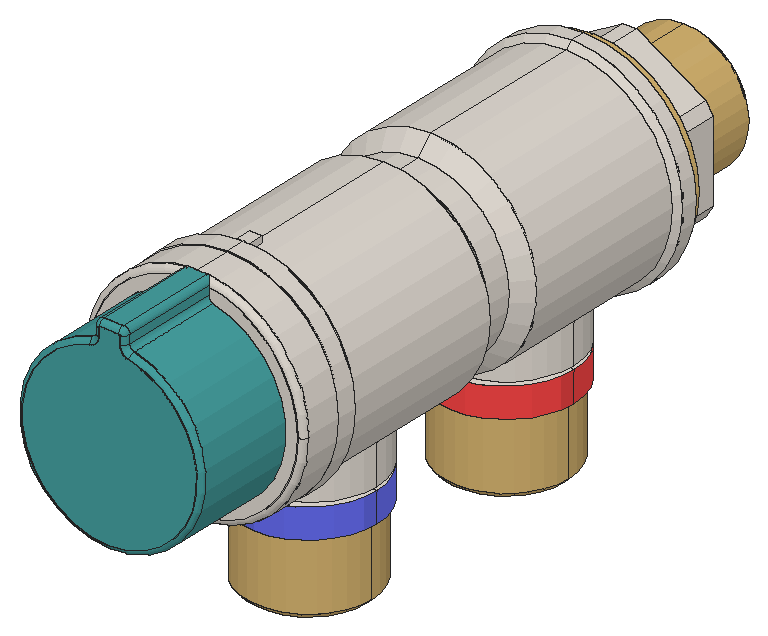
Revit family "PRE030078-FR", category Generic Models, Revit 2015
Parameters
  URL = "http://www.prestodatashare.com/centretelechargement/index.php?lang=FR&refs=29006"
  Titre = "REGULATEUR THERMOSTATIQUE ENTREE PARALLELE 1/2\""
  Référence = "29006"
  Reference = "29006"
  Raccordement = "G1/2\""
  Profondeur = 14.6 cm
  Pression = "2 à 5 bars"
  Polantis code = "PRE030078"
  Manufacturer URL = "http://www.prestodatashare.com/centretelechargement/index.php?lang=FR&refs=29006"
  Lien notice d'utilisation = "http://www.prestodatashare.com/centretelechargement/liste_pieces_detachees_boot.php?lang=FR&ref=29006"
  Lien fiche produit = "http://www.prestodatashare.com/espacedoc/Fiches_Techniques/FR/29006.pdf"
  Lien CCTP = "http://www.prestodatashare.com/centretelechargement/index.php?lang=FR&refs=29006"
  Largeur = 4 cm
  Hauteur = 5.9 cm
  Garantie = "3 ans"
  Fonction = "Avec butée de température interne et entrées parallèles 1/2\" (15x21)"
  Finition 1 = Material 1
  Finition = "Corps en laiton"
  Fabricant = "LES ROBINETS PRESTO S.A."
  Etape = "2"
  Débit = "\"Maximum : 43 L/Mn à 3 bars\nMinimum : 4 L/Mn à 3 bars\""
  Description = "Régulateur thermostatique de sécurité 1/2\" à entrées parallèles"
  Company = "PRESTO"
  Adresse = "7, RUE RACINE - 92542 MONTROUGE CEDEX FRANCE"
Reference planes (cm)
  plane 1 "Center (Front/Back)": y = 0
  plane 2: z = 0
  plane 3 "Center (Left/Right)": x = 0
Forms (cm)
  Revolve 1, solid, material "GrayElement"
    sketch origin (0, 0, -9.2173) x (0, 1, 0) y (0, 0, 1)
      loop
        line (0.0985, 5.5347) -> (0.0985, 4.0747) -> (6.0235, 4.0747) -> (6.0235, 5.0197) -> (5.9235, 5.1197) -> (4.0985, 5.1197) -> (4.0985, 5.7747) -> (3.8985, 5.7747) -> (3.8985, 5.8847) -> (3.6485, 5.8847) -> (3.5485, 5.7847) -> (0.7985, 5.7847) -> (0.5485, 5.5347) -> (0.0985, 5.5347)
      axis (6.0235, 4.0747) -> (0.0985, 4.0747)
    angle from 0 to 360
  Extrusion 2, solid, material "GrayElement"
    sketch origin (-7.5081, 0, -9.2173) x (1, 0, 0) y (0, 0, 1)
      loop
        line (6.1581, 4.7285) -> (6.1581, 3.4208) -> (6.2669, 3.2325) -> (7.3994, 2.5786) -> (7.6169, 2.5786) -> (8.7494, 3.2325) -> (8.8581, 3.4208) -> (8.8581, 4.7285) -> (8.7494, 4.9169) -> (7.6169, 5.5707)
        arc (7.6169, 5.5707) -> (7.5081, 5.5747) -> (7.3994, 5.5707) r 1.5
        line (7.3994, 5.5707) -> (6.2669, 4.9169) -> (6.1581, 4.7285)
      loop
        circle (7.5081, 4.0747) r 1.045
    from -4.8235 to -4.0985
  Revolve 3, solid, material "GrayElement"
    sketch origin (0, 0, -9.2173) x (0, 1, 0) y (0, 0, 1)
      loop
        line (0.0985, 5.5347) -> (-0.1515, 5.7847) -> (-2.9015, 5.7847) -> (-3.0015, 5.8847) -> (-3.3265, 5.8847) -> (-3.3265, 4.0747) -> (0.0985, 4.0747) -> (0.0985, 5.5347)
      axis (0.0985, 4.0747) -> (-3.3265, 4.0747)
    angle from 0 to 360
  Sweep 4, solid, material "GreenElement"
    path origin (-7.5081, 0, -9.2173) x (1, 0, 0) y (0, 0, 1)
      loop
        line (7.6581, 5.7681) -> (7.6581, 5.6359)
        arc (7.6581, 5.6359) -> (7.702, 5.5109) -> (7.8144, 5.4408) r 0.2
        arc (7.8144, 5.4408) -> (7.5081, 2.6747) -> (7.2019, 5.4408) r 1.4
        arc (7.2019, 5.4408) -> (7.3142, 5.5109) -> (7.3581, 5.6359) r 0.2
        line (7.3581, 5.6359) -> (7.3581, 5.7681)
    profile origin (0, 0, -6.5427) x (0, 0, -1) y (0, -1, 0)
      loop
        line (0.0205, 5.6265) -> (0.1, 5.6265)
        arc (0.1, 5.6265) -> (0.0777, 5.6903) -> (0.0205, 5.7265) r 0.1026
        line (0.0205, 5.7265) -> (0.0205, 5.6265)
  Sweep 5, solid, material "GrayElement"
    path origin (-7.5081, 1.7, -9.2173) x (1, 0, 0) y (0, 0, 1)
      loop
        arc (7.6669, 5.8677) -> (8.8359, 5.29) -> (9.3081, 4.0747) r 1.8
        arc (9.3081, 4.0747) -> (7.5081, 2.2747) -> (5.7081, 4.0747) r 1.8
        arc (5.7081, 4.0747) -> (6.1804, 5.29) -> (7.3493, 5.8677) r 1.8
    profile origin (0, 1.7, -6.9427) x (0, 0, -1) y (0, -1, 0)
      loop
        arc (0, 5.6265) -> (-0.0293, 5.6972) -> (-0.1, 5.7265) r 0.1
        line (-0.1, 5.7265) -> (-0.1, 5.6265) -> (0, 5.6265)
  Sweep 6, solid, material "GreenElement"
    path origin (-7.5081, 0, -9.2173) x (1, 0, 0) y (0, 0, 1)
      loop
        arc (7.2581, 5.7681) -> (7.2844, 5.8356) -> (7.3493, 5.8677) r 0.1
        arc (7.3493, 5.8677) -> (7.5081, 5.8747) -> (7.6669, 5.8677) r 1.8
        arc (7.6669, 5.8677) -> (7.7319, 5.8356) -> (7.7581, 5.7681) r 0.1
    profile origin (0, 0, -3.3427) x (0, 0, 1) y (0, -1, 0)
      loop
        line (-0.0815, 5.7265) -> (-0.0815, 5.6265) -> (0, 5.6265)
        arc (0, 5.6265) -> (-0.023, 5.691) -> (-0.0815, 5.7265) r 0.1021
  Extrusion 7, solid, material "GreenElement"
    sketch origin (-7.5081, 0, -9.2173) x (1, 0, 0) y (0, 0, 1)
      loop
        arc (7.3376, 5.6359) -> (7.2982, 5.5238) -> (7.1974, 5.4608) r 0.1795
        arc (7.1974, 5.4608) -> (7.5081, 2.6542) -> (7.8189, 5.4608) r 1.4205
        arc (7.8189, 5.4608) -> (7.718, 5.5238) -> (7.6786, 5.6359) r 0.1795
        line (7.6786, 5.6359) -> (7.6786, 5.7847)
        arc (7.6786, 5.7847) -> (7.5081, 5.7932) -> (7.3376, 5.7847) r 1.7185
        line (7.3376, 5.7847) -> (7.3376, 5.6359)
    from 5.6265 to 5.7264
  Extrusion 8, solid, material "GreenElement"
    sketch origin (-7.5081, 0, -9.2173) x (1, 0, 0) y (0, 0, 1)
      loop
        line (7.7581, 5.6359) -> (7.7581, 5.7681)
        arc (7.7581, 5.7681) -> (7.7319, 5.8356) -> (7.6669, 5.8677) r 0.1
        arc (7.6669, 5.8677) -> (7.5081, 5.8747) -> (7.3493, 5.8677) r 1.8
        arc (7.3493, 5.8677) -> (7.2844, 5.8356) -> (7.2581, 5.7681) r 0.1
        line (7.2581, 5.7681) -> (7.2581, 5.6359)
        arc (7.2581, 5.6359) -> (7.2362, 5.5734) -> (7.18, 5.5384) r 0.1
        arc (7.18, 5.5384) -> (7.5081, 2.5747) -> (7.8362, 5.5384) r 1.5
        arc (7.8362, 5.5384) -> (7.7801, 5.5734) -> (7.7581, 5.6359) r 0.1
    from 3.9265 to 5.6265
  Extrusion 9, solid, material "GrayElement"
    sketch origin (-7.5081, 0, -9.2173) x (1, 0, 0) y (0, 0, 1)
      loop
        arc (5.8081, 4.0747) -> (7.5081, 2.3747) -> (9.2081, 4.0747) r 1.7
        arc (9.2081, 4.0747) -> (8.7621, 5.2225) -> (7.6581, 5.7681) r 1.7
        arc (7.6581, 5.7681) -> (7.5081, 5.7747) -> (7.3581, 5.7681) r 1.7
        arc (7.3581, 5.7681) -> (6.2541, 5.2225) -> (5.8081, 4.0747) r 1.7
      loop
        arc (7.18, 5.5384) -> (7.5081, 2.5747) -> (7.8362, 5.5384) r 1.5
        line (7.8362, 5.5384) -> (7.18, 5.5384)
    from 3.9265 to 4.0265
  Revolve 10, solid, material "GrayElement"
    sketch origin (0, 0, -9.2173) x (0, 1, 0) y (0, 0, 1)
      loop
        line (-3.3265, 5.8747) -> (-3.9265, 5.8747) -> (-3.9265, 4.0747) -> (-3.3265, 4.0747) -> (-3.3265, 5.8747)
      axis (-3.3265, 4.0747) -> (-3.9265, 4.0747)
    angle from 0 to 360
  Revolve 11, solid, material "GrayElement"
    sketch origin (-7.5081, -1.6765, -9.2173) x (1, 0, 0) y (0, 0, 1)
      loop
        line (7.5081, 0.3747) -> (8.4531, 0.3747) -> (8.528, 0.4496) -> (8.528, 1.5747) -> (8.6081, 1.5747) -> (8.6081, 2.0563) -> (8.3521, 2.1015) -> (8.6081, 2.123) -> (8.6081, 2.7654) -> (7.5081, 2.7654) -> (7.5081, 0.3747)
      axis (7.5081, 0.3747) -> (7.5081, 2.7654)
    angle from 0 to 360
  Extrusion 12, solid, material "GrayElement"
    sketch origin (-7.5081, 0, -9.2173) x (0, 1, 0) y (0, 0, 1)
      loop
        line (-2.7515, 5.8847) -> (-3.0044, 5.8847) -> (-2.9015, 5.7818) -> (-2.7515, 5.7818) -> (-2.7515, 5.8847)
    from 7.4081 to 7.6081
  Revolve 13, solid, material "GrayElement"
    sketch origin (-7.5081, 2.3235, -9.2173) x (1, 0, 0) y (0, 0, 1)
      loop
        line (7.5081, 0.3747) -> (8.4531, 0.3747) -> (8.528, 0.4496) -> (8.528, 1.5747) -> (8.6081, 1.5747) -> (8.6081, 2.0563) -> (8.3521, 2.1015) -> (8.6081, 2.123) -> (8.6081, 2.7654) -> (7.5081, 2.7654) -> (7.5081, 0.3747)
      axis (7.5081, 0.3747) -> (7.5081, 2.7654)
    angle from 0 to 360
